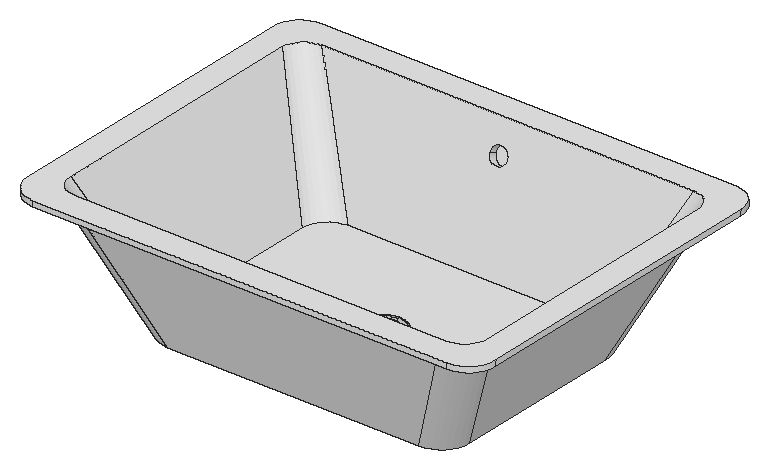
Revit family "Comfort Square Undercounter Basin", category Plumbing Fixtures, Revit 2024
Family settings
  Round Connector Dimension = Use Diameter
  Part Type = Normal
  OmniClass Number = 23.45.00.00
  OmniClass Title = Sanitary, Laundry, and Cleaning Equipment
  Work Plane-Based = No
  Enable Cutting in Views = No
  Always vertical = Yes
  Cut with Voids When Loaded = No
  Maintain Annotation Orientation = No
  Shared = No
  Room Calculation Point = No
Parameters
  URL = "https://www.lecicosa.co.za/product/comfort-undercounter-basin/"
  Technical Dimensions = "W505 x H180 x D385mm"
  Silver = Silver
  Product Code = "COMBASUND0505UE"
  Model = "Comfort Square Undercounter Basin"
  Material = "Vitreous China"
  Manufacturer = "Lecico SA"
  Default Elevation = 0 mm
  Created By = "Knowbility Skills Lab"
  Colour = "White"
  Ceramic = Ceramic
  Category = "Basins - Undercounter"
Reference planes
  plane 1 "Center (Front/Back)": y = 0
  plane 2: z = 0
  plane 3 "Center (Left/Right)": x = 0
  plane 4: z = -33.952
Forms (mm)
  Blend 1, solid, material "Ceramic" <- "Ceramic"
    base sketch origin (0, 0, 0) x (1, 0, 0) y (0, 1, 0)
      loop
        line (140, 127) -> (-140, 127)
        arc (-140, 127) -> (-162.627, 117.627) -> (-172, 95) r 32
        line (-172, 95) -> (-172, -95)
        arc (-172, -95) -> (-162.627, -117.627) -> (-140, -127) r 32
        line (-140, -127) -> (140, -127)
        arc (140, -127) -> (162.627, -117.627) -> (172, -95) r 32
        line (172, -95) -> (172, 95)
        arc (172, 95) -> (162.627, 117.627) -> (140, 127) r 32
    top sketch origin (0, 0, 0) x (1, 0, 0) y (0, 1, 0)
      loop
        arc (-207.5, 181.5) -> (-231.542, 171.542) -> (-241.5, 147.5) r 34
        line (-241.5, 147.5) -> (-241.5, -147.5)
        arc (-241.5, -147.5) -> (-231.542, -171.542) -> (-207.5, -181.5) r 34
        line (-207.5, -181.5) -> (207.5, -181.5)
        arc (207.5, -181.5) -> (231.542, -171.542) -> (241.5, -147.5) r 34
        line (241.5, -147.5) -> (241.5, 147.5)
        arc (241.5, 147.5) -> (231.542, 171.542) -> (207.5, 181.5) r 34
        line (207.5, 181.5) -> (-207.5, 181.5)
    from -147.875 to 0
  Blend 2, void
    base sketch origin (0, 0, 0) x (1, 0, 0) y (0, 1, 0)
      loop
        line (140, 123.5) -> (-140, 123.5)
        arc (-140, 123.5) -> (-160.153, 115.153) -> (-168.5, 95) r 28.5
        line (-168.5, 95) -> (-168.5, -95)
        arc (-168.5, -95) -> (-160.153, -115.153) -> (-140, -123.5) r 28.5
        line (-140, -123.5) -> (140, -123.5)
        arc (140, -123.5) -> (160.153, -115.153) -> (168.5, -95) r 28.5
        line (168.5, -95) -> (168.5, 95)
        arc (168.5, 95) -> (160.153, 115.153) -> (140, 123.5) r 28.5
    top sketch origin (0, 0, 0) x (1, 0, 0) y (0, 1, 0)
      loop
        arc (-207.5, 172.5) -> (-225.178, 165.178) -> (-232.5, 147.5) r 25
        line (-232.5, 147.5) -> (-232.5, -147.5)
        arc (-232.5, -147.5) -> (-225.178, -165.178) -> (-207.5, -172.5) r 25
        line (-207.5, -172.5) -> (207.5, -172.5)
        arc (207.5, -172.5) -> (225.178, -165.178) -> (232.5, -147.5) r 25
        line (232.5, -147.5) -> (232.5, 147.5)
        arc (232.5, 147.5) -> (225.178, 165.178) -> (207.5, 172.5) r 25
        line (207.5, 172.5) -> (-207.5, 172.5)
    from -135.381 to 0
  Extrusion 3, solid, material "Ceramic" <- "Ceramic"
    sketch origin (0, 0, 0) x (1, 0, 0) y (0, 1, 0)
      loop
        arc (235.5, 147.5) -> (227.299, 167.299) -> (207.5, 175.5) r 28
        line (207.5, 175.5) -> (-207.5, 175.5)
        arc (-207.5, 175.5) -> (-227.299, 167.299) -> (-235.5, 147.5) r 28
        line (-235.5, 147.5) -> (-235.5, -147.5)
        arc (-235.5, -147.5) -> (-227.299, -167.299) -> (-207.5, -175.5) r 28
        line (-207.5, -175.5) -> (207.5, -175.5)
        arc (207.5, -175.5) -> (227.299, -167.299) -> (235.5, -147.5) r 28
        line (235.5, -147.5) -> (235.5, 147.5)
      loop
        line (231.5, 201.5) -> (-231.5, 201.5)
        arc (-231.5, 201.5) -> (-252.713, 192.713) -> (-261.5, 171.5) r 30
        line (-261.5, 171.5) -> (-261.5, -171.5)
        arc (-261.5, -171.5) -> (-252.713, -192.713) -> (-231.5, -201.5) r 30
        line (-231.5, -201.5) -> (231.5, -201.5)
        arc (231.5, -201.5) -> (252.713, -192.713) -> (261.5, -171.5) r 30
        line (261.5, -171.5) -> (261.5, 171.5)
        arc (261.5, 171.5) -> (252.713, 192.713) -> (231.5, 201.5) r 30
    from 0 to -6
  Extrusion 4, void
    sketch origin (0, 0, 0) x (1, 0, 0) y (0, 1, 0)
      loop
        circle (0, 0) r 22.59
    from -156.169 to -129.276
  Extrusion 5, void
    sketch origin (0, 17.954, 54.315) x (1, 0, 0) y (0, 0.340335, 0.940304)
      loop
        circle (0, -33.952) r 10
    from -179.749 to -147.5
  Revolve 6, solid, material "Silver" <- "Silver"
    sketch origin (0, 192, -857.85) x (0, 1, 0) y (0, 0, 1)
      loop
        line (-169.5, 721.469) -> (-169.5, 722.469)
        arc (-169.5, 722.469) -> (-169.793, 723.176) -> (-170.5, 723.469) r 1
        line (-170.5, 723.469) -> (-176.5, 723.469)
        arc (-176.5, 723.469) -> (-177.207, 723.176) -> (-177.5, 722.469) r 1
        line (-177.5, 722.469) -> (-177.5, 718.713)
        arc (-177.5, 718.713) -> (-177.646, 718.359) -> (-178, 718.213) r 0.5
        line (-178, 718.213) -> (-192, 718.213) -> (-192, 717.213) -> (-176.15, 717.213) -> (-176.15, 720.469)
        arc (-176.15, 720.469) -> (-175.857, 721.176) -> (-175.15, 721.469) r 1
        line (-175.15, 721.469) -> (-169.5, 721.469)
      axis (-192, 717.213) -> (-192, 723.469)
    angle from 0 to 360
  Extrusion 7, void
    sketch origin (0, 192, -857.85) x (1, 0, 0) y (0, 1, 0)
      loop
        circle (0, -192) r 3
      loop
        circle (-8.778, -192) r 3
      loop
        circle (-4.389, -184.398) r 3
      loop
        circle (4.389, -184.398) r 3
      loop
        circle (8.778, -192) r 3
      loop
        circle (4.389, -199.602) r 3
      loop
        circle (-4.389, -199.602) r 3
    from 710.891 to 726.281
  Extrusion 8, solid, material "Ceramic" <- "Ceramic"
    sketch origin (0, 192, -857.85) x (0, 1, 0) y (0, 0, 1)
      loop
        line (-65, 709.975) -> (-169.5, 709.975) -> (-169.5, 683.695) -> (-60.698, 687.67)
        arc (-60.698, 687.67) -> (-48.217, 692.217) -> (-40.21, 702.815) r 23.448
        line (-40.21, 702.815) -> (-10.684, 787.85) -> (-2.398, 851.85) -> (-12.711, 851.85) -> (-65, 709.975)
    from -19 to 19
  Extrusion 9, solid, material "Ceramic" <- "Ceramic"
    sketch origin (0, 192, -857.85) x (1, 0, 0) y (0, 1, 0)
      loop
        circle (0, -192) r 29.5
      loop
        circle (0, -192) r 22.042
    from 677.85 to 712.7
Cuts and joins
  Blend 2, Extrusion 4, Extrusion 5 cuts Blend 1
  Blend 2, Extrusion 5 cuts Extrusion 3
  joined: Blend 1, Extrusion 3
  Extrusion 7 cuts Revolve 6
Lines and regions (mm)
  model lines, style "Dimn", not visible
    curve 1: line (2431.575, 2184.509, 0) -> (2466.251, 2184.509, 0)
    curve 2: line (2466.251, 2184.509, 0) -> (2500.927, 2184.509, 0)
    curve 3: line (2466.251, 2149.833, 0) -> (2466.251, 2184.509, 0)
    curve 4: line (2466.251, 2184.509, 0) -> (2466.251, 2219.184, 0)
    curve 36: line (3249.497, 2814.12, 0) -> (2914.497, 2814.12, 0)
    curve 37: line (3059.497, 2657.95, 0) -> (3104.497, 2657.95, 0)
    curve 38: line (3104.497, 2634.12, 0) -> (3059.497, 2634.12, 0)
    curve 39: line (3059.497, 2639.968, 0) -> (3104.497, 2639.968, 0)
    curve 40: line (3120.103, 2678.12, 0) -> (3043.891, 2678.12, 0)
    curve 41: line (2922.538, 2791.168, 0) -> (2930.245, 2769.168, 0)
    curve 42: line (2921.801, 2780.168, 0) -> (2930.982, 2780.168, 0)
    curve 43: line (3082.087, 2814.12, 0) -> (3081.997, 2678.12, 0)
    curve 44: line (3081.997, 2678.12, 0) -> (3127.837, 2678.12, 0)
    curve 45: line (3104.497, 2669.034, 0) -> (3058.181, 2669.034, 0)
    curve 65: line (2698.751, 2814.12, 0) -> (2233.751, 2814.12, 0)
  model lines, style "Plane", not visible
    curve 5: arc (2718.751, 2356.921, 0) -> (2712.308, 2371.176, 0) -> (2697.793, 2377.009, 0) r 20.977
    curve 6: arc (2234.709, 2377.009, 0) -> (2220.194, 2371.176, 0) -> (2213.751, 2356.921, 0) r 20.977
    curve 7: arc (2697.793, 1992.009, 0) -> (2712.308, 1997.842, 0) -> (2718.751, 2012.097, 0) r 20.977
    curve 8: arc (2213.751, 2012.097, 0) -> (2220.194, 1997.842, 0) -> (2234.709, 1992.009, 0) r 20.977
    curve 9: circle (2466.251, 2184.509, 0) r 22.5 normal (0, 0, 1)
    curve 10: arc (2693.751, 2332.009, 0) -> (2687.893, 2346.151, 0) -> (2673.751, 2352.009, 0) r 20
    curve 11: arc (2258.751, 2352.009, 0) -> (2244.609, 2346.151, 0) -> (2238.751, 2332.009, 0) r 20
    curve 12: arc (2673.751, 2017.009, 0) -> (2687.893, 2022.867, 0) -> (2693.751, 2037.009, 0) r 20
    curve 13: arc (2238.751, 2037.009, 0) -> (2244.609, 2022.867, 0) -> (2258.751, 2017.009, 0) r 20
    curve 14: arc (2616.251, 2279.509, 0) -> (2613.322, 2286.58, 0) -> (2606.251, 2289.509, 0) r 10
    curve 15: arc (2326.251, 2289.509, 0) -> (2319.18, 2286.58, 0) -> (2316.251, 2279.509, 0) r 10
    curve 16: arc (2606.251, 2079.509, 0) -> (2613.322, 2082.438, 0) -> (2616.251, 2089.509, 0) r 10
    curve 17: arc (2316.251, 2089.509, 0) -> (2319.18, 2082.438, 0) -> (2326.251, 2079.509, 0) r 10
    curve 18: spline (2455.851, 2332.215, 0) -> (2456.206, 2330.964, 0) -> (2457.245, 2329.799, 0) -> (2458.897, 2328.798, 0) -> (2461.051, 2328.031, 0) -> (2463.559, 2327.548, 0) -> (2466.251, 2327.383, 0) -> (2468.943, 2327.548, 0) -> (2471.451, 2328.031, 0) -> (2473.605, 2328.798, 0) -> (2475.257, 2329.799, 0) -> (2476.296, 2330.964, 0) -> (2476.651, 2332.215, 0) -> (2476.296, 2333.465, 0) -> (2475.257, 2334.63, 0) -> (2473.605, 2335.631, 0) -> (2471.451, 2336.399, 0) -> (2468.943, 2336.881, 0) -> (2466.251, 2337.046, 0) -> (2463.559, 2336.881, 0) -> (2461.051, 2336.399, 0) -> (2458.897, 2335.631, 0) -> (2457.245, 2334.63, 0) -> (2456.206, 2333.465, 0) -> (2455.851, 2332.215, 0)
    curve 19: line (2234.709, 2377.009, 0) -> (2697.793, 2377.009, 0)
    curve 20: line (2718.751, 2012.097, 0) -> (2718.751, 2356.921, 0)
    curve 21: line (2213.751, 2012.097, 0) -> (2213.751, 2356.921, 0)
    curve 22: line (2234.709, 1992.009, 0) -> (2697.793, 1992.009, 0)
    curve 23: line (2606.251, 2289.509, 0) -> (2326.251, 2289.509, 0)
    curve 24: line (2316.251, 2279.509, 0) -> (2316.251, 2089.509, 0)
    curve 25: line (2326.251, 2079.509, 0) -> (2606.251, 2079.509, 0)
    curve 26: line (2616.251, 2089.509, 0) -> (2616.251, 2279.509, 0)
    curve 27: line (2693.751, 2037.009, 0) -> (2693.751, 2332.009, 0)
    curve 28: line (2258.751, 2352.009, 0) -> (2673.751, 2352.009, 0)
    curve 29: line (2238.751, 2037.009, 0) -> (2238.751, 2332.009, 0)
    curve 30: line (2258.751, 2017.009, 0) -> (2673.751, 2017.009, 0)
    curve 31: line (2613.322, 2286.58, 0) -> (2687.893, 2346.151, 0)
    curve 32: line (2613.322, 2082.438, 0) -> (2687.893, 2022.867, 0)
    curve 33: line (2319.18, 2286.58, 0) -> (2244.609, 2346.151, 0)
    curve 34: line (2319.18, 2082.438, 0) -> (2244.609, 2022.867, 0)
    curve 46: arc (3120.103, 2678.12, 0) -> (3117.911, 2677.637, 0) -> (3115.903, 2676.638, 0) r 9.182
    curve 47: arc (3195.84, 2679.358, 0) -> (3201.073, 2681.086, 0) -> (3204.422, 2685.463, 0) r 9.346
    curve 48: arc (2959.571, 2685.463, 0) -> (2962.92, 2681.086, 0) -> (2968.154, 2679.358, 0) r 9.346
    curve 49: arc (2930.296, 2659.085, 0) -> (2938.304, 2648.487, 0) -> (2950.784, 2643.94, 0) r 23.448
    curve 50: line (2889.497, 2814.12, 0) -> (2914.497, 2814.12, 0)
    curve 51: line (2914.497, 2814.12, 0) -> (2922.538, 2791.168, 0)
    curve 52: line (3274.497, 2814.12, 0) -> (3249.497, 2814.12, 0)
    curve 53: line (3249.497, 2814.12, 0) -> (3204.422, 2685.463, 0)
    curve 54: line (2968.154, 2679.358, 0) -> (3043.891, 2678.12, 0)
    curve 55: line (2959.571, 2685.463, 0) -> (2930.245, 2769.168, 0)
    curve 56: line (3048.091, 2676.638, 0) -> (3059.497, 2669.034, 0)
    curve 57: line (3059.497, 2669.034, 0) -> (3059.497, 2657.95, 0)
    curve 58: line (3115.903, 2676.638, 0) -> (3104.497, 2669.034, 0)
    curve 59: line (3104.497, 2669.034, 0) -> (3104.497, 2634.12, 0)
    curve 60: line (2950.784, 2643.94, 0) -> (3059.497, 2639.968, 0)
    curve 61: line (3059.497, 2639.968, 0) -> (3059.497, 2634.12, 0)
    curve 62: line (2891.708, 2814.12, 0) -> (2900.77, 2744.12, 0)
    curve 63: line (2900.77, 2744.12, 0) -> (2930.296, 2659.085, 0)
    curve 64: line (3195.84, 2679.358, 0) -> (3120.103, 2678.12, 0)
    curve 66: arc (2629.193, 2678.739, 0) -> (2634.427, 2680.467, 0) -> (2637.776, 2684.844, 0) r 9.346
    curve 67: arc (2295.039, 2684.098, 0) -> (2298.41, 2680.24, 0) -> (2303.309, 2678.739, 0) r 9.346
    curve 68: line (2718.751, 2814.12, 0) -> (2698.751, 2814.12, 0)
    curve 69: line (2698.751, 2814.12, 0) -> (2637.776, 2684.844, 0)
    curve 70: line (2213.751, 2814.12, 0) -> (2233.751, 2814.12, 0)
    curve 71: line (2233.751, 2814.12, 0) -> (2295.039, 2684.098, 0)
    curve 72: line (2439.445, 2678.739, 0) -> (2439.445, 2634.12, 0)
    curve 73: line (2439.445, 2634.12, 0) -> (2493.057, 2634.12, 0)
    curve 74: line (2493.057, 2634.12, 0) -> (2493.057, 2678.739, 0)
    curve 75: line (2303.309, 2678.739, 0) -> (2466.251, 2678.739, 0)
    curve 76: line (2466.251, 2678.739, 0) -> (2629.193, 2678.739, 0)
  model lines, style "Center Axe", not visible
    curve 35: line (3081.997, 2612.807, 0) -> (3081.997, 2684.451, 0)
Dimensions and locks
  aligned and locked: level to plane 2
